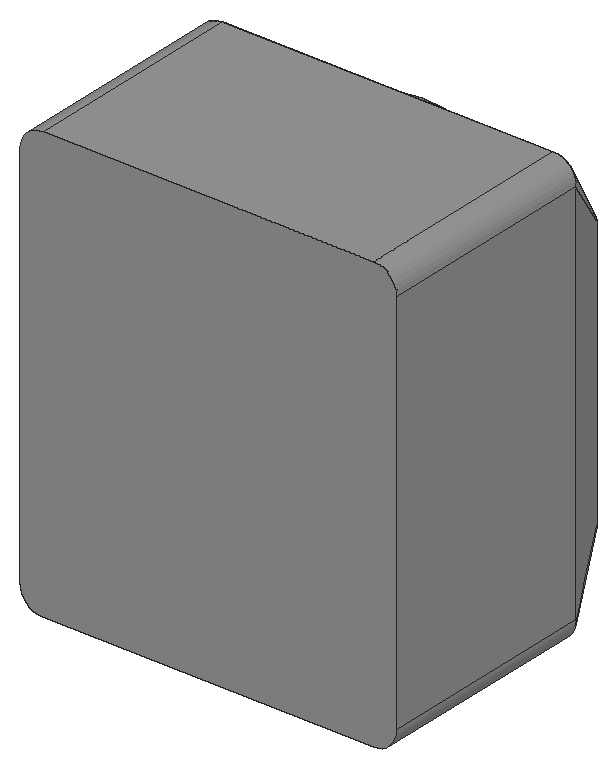
Revit family "IEK_РозеткаСетевая_ОткрытойУстановки_C ЗК с КР 16А одноместная IP54_ГЕРМЕС PLUS", category Электрические приборы, Revit 2019
Family settings
  Сохранять ориентацию аннотаций = Да
  Размер круглого соединителя = Использовать диаметр
  Тип детали = Нормальный
  На основе рабочей плоскости = Нет
  Всегда вертикально = Да
  При загрузке вырезать с полостями = Нет
  Общий = Нет
  Точка расчета площади = Нет
Parameters (values of type "РСб20-3-ГПБд")
  Ширина = 72 mm  # constant formula
  Тип монтажа = "Поверхность монтажа (открытая установка)"  # constant formula
  Степень защиты = "IP54"  # constant formula
  Материал крышки = Цвет дымчатый
  Изготовитель = "IEK"  # constant formula
  Дата изменения = ""
  Глубина = 52 mm  # constant formula
  Высота = 72 mm  # constant formula
  ΔХ [instance] = 2000 mm
  ΔY [instance] = 2000 mm
  KSI_CPr_Строительные изделия = "20.4.03.04 20.4.03.05 20.4.03.06"  # constant formula
  KSI_CMa_Строительные материалы = "01.7.14.03"  # constant formula
  IEK_Цена за единицу = 368.86  # constant formula
  IEK_Поиск в таблице имен = ""
  IEK_Описание = "Изделия серии \"ГЕРМЕС PLUS\" используются в помещениях с повышенной влажностью или запыленностью, а также под навесом на открытом воздухе."
  IEK_URL = "https://www.iek.ru/products/catalog/izdeliya_elektroustanovochnye_udliniteli_i_silovye_razemy/elektroustanovochnye_izdeliya/elektroustanovochnye_izdeliya_otkrytogo_montazha_ip44_ip54/elektroustanovochnye_izdeliya_germes_plus/rozetka_1_mestnaya_dlya_otkrytoy_ustanovki_rsb20_3_gpbd_s_zazemlyayushchim_kontaktom_ip54_germes_plus_tsvet_kryshki_dymchatyy_iek"
  ADSK_Ток [instance] = 16 A  # constant formula
  ADSK_Примечание = ""
  ADSK_Полная мощность [instance] = ADSK_Номинальная мощность / ADSK_Коэффициент мощности  # 3520 VA
  ADSK_Позиция [instance] = ""
  ADSK_Номинальная мощность [instance] = ADSK_Ток * ADSK_Напряжение * sqrt(ADSK_Количество фаз числовое) * ADSK_Коэффициент мощности  # 3520 W
  ADSK_Напряжение = 220 V
  ADSK_Наименование = "Розетка 1-местная для открытой установки РСб20-3-ГПБд с заземляющим контактом IP54 ГЕРМЕС PLUS (цвет крышки:дымчатый) IEK"
  ADSK_Материал обозначение = ""
  ADSK_Материал наименование = "Пластик"  # constant formula
  ADSK_Материал = Цвет белый
  ADSK_Масса = 0.115
  ADSK_Марка = "ГЕРМЕС PLUS"  # constant formula
  ADSK_Коэффициент мощности [instance] = 1  # constant formula
  ADSK_Количество фаз числовое = 1
  ADSK_Количество фаз = 1
  ADSK_Код изделия = "ERMP12-K03-16-54-EC"
  ADSK_Классификация нагрузок [instance] = Прочее
  ADSK_Завод-изготовитель = "IEK"  # constant formula
  ADSK_Единица измерения = "шт"  # constant formula
  ADSK_Группирование = "III ЭЛЕКТРОУСТАНОВОЧНЫЕ И ЭЛЕКТРОМОНТАЖНЫЕ ИЗДЕЛИЯ"  # constant formula
  ADSK_Версия семейства = "1.0"  # constant formula
  ADSK_Версия Revit = "2019"  # constant formula
  ADSK_URL страницы изделия = "https://www.iek.ru/products/catalog/izdeliya_elektroustanovochnye_udliniteli_i_silovye_razemy/elektroustanovochnye_izdeliya/elektroustanovochnye_izdeliya_otkrytogo_montazha_ip44_ip54/elektroustanovochnye_izdeliya_germes_plus/?pagec=100"
Types (3, lengths in mm): name | Материал крышки | IEK_URL | ADSK_Наименование | ADSK_Масса | ADSK_Код изделия
  (no name) | Цвет дымчатый | "https://www.iek.ru/products/catalog/izdeliya_elektroustanovochnye_udliniteli_i_silovye_razemy/elektroustanovochnye_izdeliya/elektroustanovochnye_izdeliya_otkrytogo_montazha_ip44_ip54/elektroustanovochnye_izdeliya_germes_plus/rozetka_1_mestnaya_dlya_otkrytoy_ustanovki_rsb20_3_gpbd_s_zazemlyayushchim_kontaktom_ip54_germes_plus_tsvet_kryshki_dymchatyy_iek" | "Розетка 1-местная для открытой установки РСб20-3-ГПБд с заземляющим контактом IP54 ГЕРМЕС PLUS (цвет крышки:дымчатый) IEK" | 0.115 | "ERMP12-K03-16-54-EC"
  РСб20-3-ГПБб | Цвет белый | "https://www.iek.ru/products/catalog/izdeliya_elektroustanovochnye_udliniteli_i_silovye_razemy/elektroustanovochnye_izdeliya/elektroustanovochnye_izdeliya_otkrytogo_montazha_ip44_ip54/elektroustanovochnye_izdeliya_germes_plus/rozetka_1_mestnaya_dlya_otkrytoy_ustanovki_rsb20_3_gpbb_s_zazemlyayushchim_kontaktom_ip54_germes_plus_tsvet_kryshki_belyy_iek" | "Розетка 1-местная для открытой установки РСб20-3-ГПБб с заземляющим контактом IP54 ГЕРМЕС PLUS (цвет крышки:белый) IEK" | 0.12 | "ERMP12-K01-16-54-EC"
  РСб20-3-ГПБд | Цвет дымчатый | "https://www.iek.ru/products/catalog/izdeliya_elektroustanovochnye_udliniteli_i_silovye_razemy/elektroustanovochnye_izdeliya/elektroustanovochnye_izdeliya_otkrytogo_montazha_ip44_ip54/elektroustanovochnye_izdeliya_germes_plus/rozetka_1_mestnaya_dlya_otkrytoy_ustanovki_rsb20_3_gpbd_s_zazemlyayushchim_kontaktom_ip54_germes_plus_tsvet_kryshki_dymchatyy_iek" | "Розетка 1-местная для открытой установки РСб20-3-ГПБд с заземляющим контактом IP54 ГЕРМЕС PLUS (цвет крышки:дымчатый) IEK" | 0.115 | "ERMP12-K03-16-54-EC"
Reference planes
  plane 1 "По центру (Вперед/Назад)": y = 0
  plane 2: z = 0
  plane 3 "По центру (Влево/Вправо)": x = 0
  plane 4 "Высота ножек": z = 280
  plane 5 "Высота": z = 2081.496
  plane 6: x = -2000
  plane 7: y = 2000
Forms (mm)
  Extrusion 1, void
    sketch origin (0, 0, 37.5) x (1, 0, 0) y (0, 0, -1)
      loop
        arc (-16.762, -9.964) -> (-0.012, -19.5) -> (16.75, -9.984) r 19.5
        line (16.75, -9.984) -> (16.75, -2.25) -> (19.37, -2.25)
        arc (19.37, -2.25) -> (19.5, 0) -> (19.37, 2.25) r 19.5
        line (19.37, 2.25) -> (16.75, 2.25) -> (16.75, 9.984)
        arc (16.75, 9.984) -> (0, 19.5) -> (-16.75, 9.984) r 19.5
        line (-16.75, 9.984) -> (-16.75, 2.25) -> (-19.37, 2.25)
        arc (-19.37, 2.25) -> (-19.5, 0) -> (-19.37, -2.25) r 19.5
        line (-19.37, -2.25) -> (-16.75, -2.25) -> (-16.762, -9.964)
    from 26.4 to 46.099
  Extrusion 2, void
    sketch origin (0, 0, 37.5) x (1, 0, 0) y (0, 0, -1)
      loop
        circle (-9.525, 0) r 2.758
      loop
        circle (9.525, 0) r 2.758
    from 26.4 to 5.7
  Extrusion 3, solid, material "Цвет белый" <- "ADSK_Материал", detail levels fine
    sketch origin (0, 0, 37.5) x (1, 0, 0) y (0, 0, -1)
      loop
        line (-32.5, 33.5) -> (-32.5, -33.45)
        arc (-32.5, -33.45) -> (-31.314, -36.314) -> (-28.45, -37.5) r 4.05
        line (-28.45, -37.5) -> (28.5, -37.5)
        arc (28.5, -37.5) -> (31.328, -36.328) -> (32.5, -33.5) r 4
        line (32.5, -33.5) -> (32.5, 33.5)
        arc (32.5, 33.5) -> (31.328, 36.328) -> (28.5, 37.5) r 4
        line (28.5, 37.5) -> (-28.5, 37.5)
        arc (-28.5, 37.5) -> (-31.328, 36.328) -> (-32.5, 33.5) r 4
    from 0 to 38.682
  Blend 4, solid, material "Цвет белый" <- "ADSK_Материал", detail levels fine
    base sketch origin (0, 0, 37.5) x (1, 0, 0) y (0, 0, -1)
      loop
        line (-32.5, 33.5) -> (-32.5, -33.5)
        arc (-32.5, -33.5) -> (-31.328, -36.328) -> (-28.5, -37.5) r 4
        line (-28.5, -37.5) -> (28.5, -37.5)
        arc (28.5, -37.5) -> (31.328, -36.328) -> (32.5, -33.5) r 4
        line (32.5, -33.5) -> (32.5, 33.5)
        arc (32.5, 33.5) -> (31.328, 36.328) -> (28.5, 37.5) r 4
        line (28.5, 37.5) -> (-28.5, 37.5)
        arc (-28.5, 37.5) -> (-31.328, 36.328) -> (-32.5, 33.5) r 4
    top sketch origin (0, 0, 37.5) x (1, 0, 0) y (0, 0, -1)
      loop
        line (-30.1, 23.034) -> (-30.1, -24.041)
        arc (-30.1, -24.041) -> (-29.819, -24.719) -> (-29.141, -25) r 0.959
        line (-29.141, -25) -> (29.141, -25)
        arc (29.141, -25) -> (29.819, -24.719) -> (30.1, -24.041) r 0.959
        line (30.1, -24.041) -> (30.1, 23.034)
        arc (30.1, 23.034) -> (29.819, 23.712) -> (29.141, 23.993) r 0.959
        line (29.141, 23.993) -> (-29.141, 23.993)
        arc (-29.141, 23.993) -> (-29.819, 23.712) -> (-30.1, 23.034) r 0.959
    from 38.682 to 46.099
  Extrusion 5, void
    sketch origin (0, 0, 39.041) x (1, 0, 0) y (0, 0, -1)
      loop
        arc (-28.5, -24.189) -> (-27.914, -25.603) -> (-26.5, -26.189) r 2
        line (-26.5, -26.189) -> (26.5, -26.189)
        arc (26.5, -26.189) -> (27.914, -25.603) -> (28.5, -24.189) r 2
        line (28.5, -24.189) -> (28.5, 37.041)
        arc (28.5, 37.041) -> (27.914, 38.456) -> (26.5, 39.041) r 2
        line (26.5, 39.041) -> (-26.5, 39.041)
        arc (-26.5, 39.041) -> (-27.914, 38.456) -> (-28.5, 37.041) r 2
        line (-28.5, 37.041) -> (-28.5, -24.189)
      loop
        line (5, 26.541) -> (-5, 26.541) -> (-15.069, 16.168)
        arc (-15.069, 16.168) -> (-21, 1.541) -> (-15.069, -13.085) r 21
        line (-15.069, -13.085) -> (-5, -23.459) -> (5, -23.459) -> (15.069, -13.085)
        arc (15.069, -13.085) -> (21, 1.541) -> (15.069, 16.168) r 21
        line (15.069, 16.168) -> (5, 26.541)
    from 38.682 to 46.099
  Extrusion 6, void
    sketch origin (0, 0, 37.5) x (1, 0, 0) y (0, 0, -1)
      loop
        line (-22.764, -27) -> (-14.278, -27)
        arc (-14.278, -27) -> (0, -32.5) -> (14.278, -27) r 21.282
        line (14.278, -27) -> (22.764, -27) -> (22.764, 26.4) -> (-22.764, 26.4) -> (-22.764, -27)
    from 43.6 to 46.099
  Extrusion 7, solid, material "Цвет дымчатый" <- "Материал крышки", detail levels fine
    sketch origin (0, 0, 37.5) x (0, 0, -1) y (0, 1, 0)
      loop
        line (23.993, 46.099) -> (-27, 46.099) -> (-27, 45.121) -> (23.993, 45.121) -> (35.72, 38.682) -> (37.5, 38.682) -> (23.993, 46.099)
    from -28 to 28
  Extrusion 8, solid, material "Цвет дымчатый" <- "Материал крышки", detail levels fine
    sketch origin (0, 0, 37.5) x (1, 0, 0) y (0, 0, -1)
      loop
        arc (-14.278, -27) -> (0, -32.5) -> (14.278, -27) r 21.282
        line (14.278, -27) -> (-14.278, -27)
    from 45.121 to 46.099
  Extrusion 9, solid, detail levels coarse
    sketch origin (0, 0, 0) x (1, 0, 0) y (0, 1, 0)
      loop
        line (-32.5, 0) -> (32.5, 0) -> (32.5, 46.099) -> (-32.5, 46.099) -> (-32.5, 0)
    from 0 to 75
  Extrusion 10, solid, detail levels medium
    sketch origin (0, 0, 0) x (1, 0, 0) y (0, 1, 0)
      loop
        line (-32.5, 0) -> (32.5, 0) -> (32.5, 46.099) -> (-32.5, 46.099) -> (-32.5, 0)
    from 0 to 75
Cuts and joins
  Extrusion 1, Extrusion 2, Extrusion 5 cuts Extrusion 3
  Extrusion 1, Extrusion 5, Extrusion 6 cuts Blend 4
Lines and regions (mm)
  reference lines
    curve 1: line (0, 44.647, 0) -> (0, -55.353, 0)
    curve 2: line (-23.829, 0, 0) -> (76.171, 0, 0)
Dimensions and locks
  locked: plane 4 "Высота ножек" to plane 2 at 280
  plane 5 "Высота" to plane 4 "Высота ножек" = 1801.496 mm
  "ΔХ": plane 6 to curve 1
  "ΔY": plane 7 to curve 2
  aligned and locked: level to plane 2
  aligned and locked: nested 1 to curve 1
  aligned and locked: curve 2 to nested 1
Automatic sketch dimensions
  Extrusion 1 sketch curve to Extrusion 1 sketch curve = 0 mm  (x14)
  Extrusion 1 sketch curve to plane 3 "По центру (Влево/Вправо)" = 0 mm
  Extrusion 1 sketch curve to plane 3 "По центру (Влево/Вправо)" = 16.75 mm
  Extrusion 1 sketch curve to Extrusion 1 sketch curve = 2.62 mm  (x4)
  plane 3 "По центру (Влево/Вправо)" to Extrusion 1 sketch curve = 16.75 mm
  level to Extrusion 1 sketch curve = 47.484 mm
  Extrusion 1 sketch curve to Extrusion 1 sketch curve = 7.734 mm  (x3)
  Extrusion 1 sketch curve to Extrusion 1 sketch curve = 2.25 mm
  Extrusion 1 sketch curve to Extrusion 1 sketch curve = 0.012 mm
  Extrusion 2 sketch curve to plane 3 "По центру (Влево/Вправо)" = 9.525 mm
  plane 3 "По центру (Влево/Вправо)" to Extrusion 2 sketch curve = 9.525 mm
  level to Extrusion 2 sketch curve = 37.5 mm
  Extrusion 2 sketch curve to Extrusion 2 sketch curve = 0 mm
  level to Extrusion 3 sketch curve = 4 mm  (x2)
  Extrusion 3 sketch curve to plane 3 "По центру (Влево/Вправо)" = 32.5 mm
  Extrusion 3 sketch curve to Extrusion 3 sketch curve = 4 mm
  Extrusion 3 sketch curve to Extrusion 3 sketch curve = 4.05 mm
  plane 3 "По центру (Влево/Вправо)" to Extrusion 3 sketch curve = 28.5 mm  (x2)
  level to Extrusion 3 sketch curve = 70.95 mm
  level to Blend 4 sketch curve = 4 mm  (x2)
  Blend 4 sketch curve to plane 3 "По центру (Влево/Вправо)" = 32.5 mm
  Blend 4 sketch curve to Blend 4 sketch curve = 4 mm  (x2)
  plane 3 "По центру (Влево/Вправо)" to Blend 4 sketch curve = 28.5 mm  (x2)
  level to Blend 4 sketch curve = 71 mm
  level to Blend 4 sketch curve = 14.466 mm  (x2)
  Blend 4 sketch curve to plane 3 "По центру (Влево/Вправо)" = 30.1 mm
  Blend 4 sketch curve to Blend 4 sketch curve = 0.959 mm  (x2)
  plane 3 "По центру (Влево/Вправо)" to Blend 4 sketch curve = 29.141 mm  (x2)
  Blend 4 sketch curve to Blend 4 sketch curve = 47.076 mm
  Extrusion 5 sketch curve to Extrusion 5 sketch curve = 0 mm  (x2)
  Extrusion 5 sketch curve to plane 3 "По центру (Влево/Вправо)" = 0 mm
  level to Extrusion 5 sketch curve = 12.5 mm
  Extrusion 5 sketch curve to plane 3 "По центру (Влево/Вправо)" = 5 mm  (x2)
  Extrusion 5 sketch curve to Extrusion 5 sketch curve = 10.069 mm  (x4)
  level to Extrusion 5 sketch curve = 22.874 mm  (x2)
  Extrusion 5 sketch curve to Extrusion 5 sketch curve = 11.431 mm  (x4)
  level to Extrusion 5 sketch curve = 2 mm
  Extrusion 5 sketch curve to Extrusion 5 sketch curve = 2 mm  (x2)
  plane 3 "По центру (Влево/Вправо)" to Extrusion 5 sketch curve = 5 mm  (x2)
  Extrusion 5 sketch curve to Extrusion 5 sketch curve = 14.626 mm
  Extrusion 5 sketch curve to Extrusion 5 sketch curve = 10.374 mm
  Extrusion 5 sketch curve to Extrusion 5 sketch curve = 11.104 mm
  Extrusion 6 sketch curve to plane 3 "По центру (Влево/Вправо)" = 0 mm
  Extrusion 6 sketch curve to plane 3 "По центру (Влево/Вправо)" = 14.278 mm
  level to Extrusion 6 sketch curve = 11.1 mm
  Extrusion 6 sketch curve to plane 3 "По центру (Влево/Вправо)" = 22.764 mm
  plane 3 "По центру (Влево/Вправо)" to Extrusion 6 sketch curve = 14.278 mm
  Extrusion 6 sketch curve to Extrusion 6 sketch curve = 8.486 mm
  level to Extrusion 6 sketch curve = 48.718 mm
  Extrusion 6 sketch curve to Extrusion 6 sketch curve = 15.782 mm
  Extrusion 7 sketch curve to plane 1 "По центру (Вперед/Назад)" = 46.099 mm
  level to Extrusion 7 sketch curve = 64.5 mm
  level to Extrusion 7 sketch curve = 13.507 mm  (x2)
  level to Extrusion 7 sketch curve = 1.78 mm
  Extrusion 7 sketch curve to Extrusion 7 sketch curve = 1.78 mm
  Extrusion 7 sketch curve to Extrusion 7 sketch curve = 0.977 mm
  Extrusion 7 sketch curve to Extrusion 7 sketch curve = 6.439 mm
  Extrusion 8 sketch curve to plane 3 "По центру (Влево/Вправо)" = 0 mm
  Extrusion 8 sketch curve to plane 3 "По центру (Влево/Вправо)" = 14.278 mm
  level to Extrusion 8 sketch curve = 64.5 mm
  Extrusion 8 sketch curve to Extrusion 8 sketch curve = 15.782 mm
  curve 2 to plane 3 "По центру (Влево/Вправо)" = 23.829 mm
  plane 3 "По центру (Влево/Вправо)" to curve 2 = 76.171 mm
  plane 1 "По центру (Вперед/Назад)" to curve 1 = 55.353 mm
  curve 1 to plane 1 "По центру (Вперед/Назад)" = 44.647 mm
  plane 1 "По центру (Вперед/Назад)" to Extrusion 9 sketch curve = 0 mm
  Extrusion 9 sketch curve to plane 3 "По центру (Влево/Вправо)" = 32.5 mm
  plane 3 "По центру (Влево/Вправо)" to Extrusion 9 sketch curve = 32.5 mm
  Extrusion 9 sketch curve to plane 1 "По центру (Вперед/Назад)" = 46.099 mm
  plane 1 "По центру (Вперед/Назад)" to Extrusion 10 sketch curve = 0 mm
  Extrusion 10 sketch curve to plane 3 "По центру (Влево/Вправо)" = 32.5 mm
  plane 3 "По центру (Влево/Вправо)" to Extrusion 10 sketch curve = 32.5 mm
  Extrusion 10 sketch curve to plane 1 "По центру (Вперед/Назад)" = 46.099 mm
  radius of Extrusion 2 sketch curve = 2.758 mm  (x2)
Nested families
  nested 1: "УГО Розетки" at (0, 0, 0), type "2PE-O", detail levels coarse+medium
    with Количество в блоке "", Блок розеток no, IP44 yes
Connectors
  electrical at (0.006, 0, 37.494), driven by "ADSK_Количество фаз", driven by "ADSK_Классификация нагрузок", driven by "ADSK_Напряжение", driven by "ADSK_Полная мощность", driven by "ADSK_Коэффициент мощности"
    settings: on cut or joined group of Extrusion 1, Extrusion 2, Extrusion 3, Extrusion 5, index 1, voltage 220 V, apparent load 0 VA, apparent load phase1 3520 VA, apparent load phase2 0 VA, apparent load phase3 0 VA, power factor 1, load classification "Прочее", number of poles 1, system type 31, power factor state 1, is connector primary yes, connector utility no, sub classification motor no, connector description ""
Definition of nested family "УГО Розетки"
  Parameters (values of type "3PE-O")
    Количество в блоке [instance] = ""
    Блок розеток [instance] = no
    IP44 [instance] = no
    3PE-O = yes
    3PE-C = no
    2PE-O = no
    2PE-C = no
    2P-O = no
    2P-C = no
  Types (6, lengths in mm): name | 3PE-O | 3PE-C | 2PE-O | 2PE-C | 2P-O | 2P-C
    2P-O | no | no | no | no | yes | no
    3PE-O | yes | no | no | no | no | no
    2P-C | no | no | no | no | no | yes
    2PE-C | no | no | no | yes | no | no
    2PE-O | no | no | yes | no | no | no
    3PE-C | no | yes | no | no | no | no
  Reference planes
    plane 1: y = 0
    plane 2: x = 0
  Lines and regions (mm)
    Filled region 1, type "Цветовая область 1", visible <- "IP44"
      outline origin (0, 0, 0) x (1, 0, 0) y (0, 1, 0)
        loop
          line (-2.5, 0) -> (2.5, 0)
          arc (2.5, 0) -> (0, 2.5) -> (-2.5, 0) r 2.5
    Filled region 2, type "Цветовая область 1", visible <- "IP44", not visible
      outline origin (0, 0, 0) x (1, 0, 0) y (0, 1, 0)
        loop
          line (-2.5, 4.664) -> (2.5, 4.664)
          arc (2.5, 4.664) -> (0, 7.164) -> (-2.5, 4.664) r 2.5
    detail lines
      curve 1: line (-2.5, 0, 0) -> (2.5, 0, 0)
      curve 3: line (0, 2.5, 0) -> (0, 5, 0)
      curve 4: arc (-2.5, 0, 0) -> (0, 2.5, 0) -> (2.5, 0, 0) r 2.5
    detail lines, visible <- "3PE-C"
      curve 2: line (0, 0, 0) -> (0, 2.5, 0)
      curve 5: line (-2.5, 2.5, 0) -> (2.5, 2.5, 0)
      curve 17: line (0, 2.5, 0) -> (1.768, 4.268, 0)
      curve 18: line (0, 2.5, 0) -> (-1.768, 4.268, 0)
    detail lines, not visible
      curve 6: line (-2.5, 4.664, 0) -> (2.5, 4.664, 0)
      curve 8: line (0, 7.164, 0) -> (0, 9.664, 0)
      curve 9: arc (-2.5, 4.664, 0) -> (0, 7.164, 0) -> (2.5, 4.664, 0) r 2.5
    detail lines, visible <- "3PE-C", not visible
      curve 7: line (0, 4.664, 0) -> (0, 7.164, 0)
      curve 10: line (-2.5, 7.164, 0) -> (2.5, 7.164, 0)
      curve 23: line (0, 7.164, 0) -> (1.768, 8.932, 0)
      curve 24: line (0, 7.164, 0) -> (-1.768, 8.932, 0)
    detail lines, visible <- "3PE-O"
      curve 11: line (-2.5, 2.5, 0) -> (2.5, 2.5, 0)
      curve 19: line (0, 2.5, 0) -> (1.768, 4.268, 0)
      curve 20: line (0, 2.5, 0) -> (-1.768, 4.268, 0)
    detail lines, visible <- "3PE-O", not visible
      curve 12: line (-2.5, 7.164, 0) -> (2.5, 7.164, 0)
      curve 25: line (0, 7.164, 0) -> (1.768, 8.932, 0)
      curve 26: line (0, 7.164, 0) -> (-1.768, 8.932, 0)
    detail lines, visible <- "2PE-C"
      curve 13: line (0, 0, 0) -> (0, 2.5, 0)
      curve 22: line (-2.5, 2.5, 0) -> (2.5, 2.5, 0)
    detail lines, visible <- "2P-C"
      curve 14: line (0, 0, 0) -> (0, 2.5, 0)
    detail lines, visible <- "2PE-C", not visible
      curve 15: line (0, 4.664, 0) -> (0, 7.164, 0)
      curve 28: line (-2.5, 7.164, 0) -> (2.5, 7.164, 0)
    detail lines, visible <- "2P-C", not visible
      curve 16: line (0, 4.664, 0) -> (0, 7.164, 0)
    detail lines, visible <- "2PE-O"
      curve 21: line (-2.5, 2.5, 0) -> (2.5, 2.5, 0)
    detail lines, visible <- "2PE-O", not visible
      curve 27: line (-2.5, 7.164, 0) -> (2.5, 7.164, 0)
    reference lines
      curve 29: line (100, 9.605, 0) -> (100, -3.971, 0)
  Text (mm)
    label "3" at (1.908, 5.573, 0), shows "Количество в блоке", visible <- "Блок розеток"
    label "3" at (1.908, 10.237, 0), shows "Количество в блоке", visible <- "Блок розеток", not visible
  Dimensions and locks
    aligned and locked: Filled region 1 sketch curve to curve 4
    aligned and locked: Filled region 2 sketch curve to curve 9
